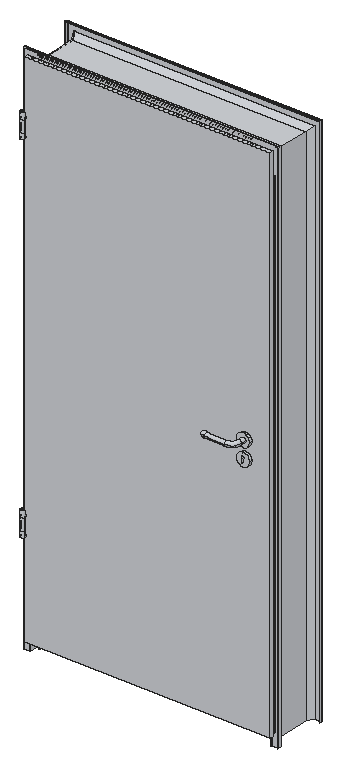
Revit family "BOS-Schrägleibungszarge-cBud-MW_Familie", category Türen, Revit 2017 (continued)
Definition of nested family "BOS-Band-VX_Modell"
  Automatic sketch dimensions
    Extrusion 7 sketch curve to Extrusion 7 sketch curve = 7.729 mm
    Extrusion 8 sketch curve to plane 1 = 0 mm
    plane 1 to Extrusion 8 sketch curve = 11.45 mm
    Extrusion 8 sketch curve to plane 3 = 11 mm
    Extrusion 8 sketch curve to plane 1 = 1.733 mm
    Extrusion 8 sketch curve to Extrusion 8 sketch curve = 1.151 mm
    Extrusion 8 sketch curve to Extrusion 8 sketch curve = 3.454 mm
    plane 1 to Extrusion 8 sketch curve = 7.193 mm
    Extrusion 8 sketch curve to Extrusion 8 sketch curve = 0.599 mm
    Extrusion 8 sketch curve to plane 1 = 1.214 mm
    Extrusion 8 sketch curve to Extrusion 8 sketch curve = 3.496 mm
    plane 1 to Extrusion 8 sketch curve = 4.667 mm
    Extrusion 8 sketch curve to Extrusion 8 sketch curve = 2.431 mm
    Extrusion 8 sketch curve to Extrusion 8 sketch curve = 0.001 mm
    Extrusion 8 sketch curve to Extrusion 8 sketch curve = 0.021 mm
    Extrusion 8 sketch curve to plane 1 = 0.017 mm
    Extrusion 8 sketch curve to Extrusion 8 sketch curve = 0.149 mm
    Extrusion 8 sketch curve to Extrusion 8 sketch curve = 2.05 mm
    Extrusion 9 sketch curve to Extrusion 9 sketch curve = 0 mm  (x6)
    Extrusion 9 sketch curve to curve 1 = 0 mm
    curve 1 to Extrusion 9 sketch curve = 0 mm
    Extrusion 9 sketch curve to curve 1 = 5.051 mm
    Extrusion 9 sketch curve to Extrusion 9 sketch curve = 4.091 mm
    Extrusion 9 sketch curve to curve 1 = 7.771 mm
    Extrusion 9 sketch curve to Extrusion 9 sketch curve = 2.203 mm
    Extrusion 9 sketch curve to Extrusion 9 sketch curve = 7.729 mm
    Extrusion 10 sketch curve to Extrusion 10 sketch curve = 0 mm  (x6)
    Extrusion 10 sketch curve to curve 1 = 0 mm
    curve 1 to Extrusion 10 sketch curve = 0 mm
    Extrusion 10 sketch curve to curve 1 = 5.051 mm
    Extrusion 10 sketch curve to Extrusion 10 sketch curve = 4.091 mm
    Extrusion 10 sketch curve to curve 1 = 7.771 mm
    Extrusion 10 sketch curve to Extrusion 10 sketch curve = 2.203 mm
    Extrusion 10 sketch curve to Extrusion 10 sketch curve = 7.729 mm
    Extrusion 11 sketch curve to Extrusion 11 sketch curve = 0 mm  (x3)
    plane 1 to Extrusion 11 sketch curve = 0 mm
    Extrusion 11 sketch curve to plane 3 = 0 mm
    Extrusion 11 sketch curve to plane 1 = 1.171 mm
    Extrusion 11 sketch curve to Extrusion 11 sketch curve = 6.421 mm
    plane 1 to Extrusion 11 sketch curve = 7.193 mm
    Extrusion 11 sketch curve to Extrusion 11 sketch curve = 0.526 mm
    Extrusion 11 sketch curve to Extrusion 11 sketch curve = 0.553 mm
    Extrusion 11 sketch curve to plane 1 = 0.901 mm
    plane 1 to Extrusion 11 sketch curve = 10.603 mm
    Extrusion 11 sketch curve to Extrusion 11 sketch curve = 3.5 mm
    Extrusion 11 sketch curve to Extrusion 11 sketch curve = 0.158 mm
    Extrusion 11 sketch curve to Extrusion 11 sketch curve = 1.739 mm
    plane 1 to Extrusion 11 sketch curve = 4.695 mm
    Extrusion 12 sketch curve to Extrusion 12 sketch curve = 0 mm  (x6)
    curve 1 to Extrusion 12 sketch curve = 0 mm  (x2)
    curve 1 to Extrusion 12 sketch curve = 46.34 mm
    Extrusion 12 sketch curve to Extrusion 12 sketch curve = 3.031 mm  (x2)
    Extrusion 12 sketch curve to Extrusion 12 sketch curve = 5.75 mm
    Extrusion 12 sketch curve to Extrusion 12 sketch curve = 1.346 mm
    Extrusion 12 sketch curve to Extrusion 12 sketch curve = 0.548 mm
    Extrusion 12 sketch curve to Extrusion 12 sketch curve = 1.017 mm
    Extrusion 12 sketch curve to Extrusion 12 sketch curve = 3.25 mm
    Extrusion 12 sketch curve to Extrusion 12 sketch curve = 1.75 mm
    Extrusion 13 sketch curve to Extrusion 13 sketch curve = 0 mm  (x6)
    curve 1 to Extrusion 13 sketch curve = 0 mm  (x2)
    curve 1 to Extrusion 13 sketch curve = 46.34 mm
    Extrusion 13 sketch curve to Extrusion 13 sketch curve = 3.031 mm  (x2)
    Extrusion 13 sketch curve to Extrusion 13 sketch curve = 5.75 mm
    Extrusion 13 sketch curve to Extrusion 13 sketch curve = 1.346 mm
    Extrusion 13 sketch curve to Extrusion 13 sketch curve = 0.548 mm
    Extrusion 13 sketch curve to Extrusion 13 sketch curve = 1.017 mm
    Extrusion 13 sketch curve to Extrusion 13 sketch curve = 3.25 mm
    Extrusion 13 sketch curve to Extrusion 13 sketch curve = 1.75 mm
    radius of Sweep 1 sketch curve = 6.5 mm
Definition of nested family "BOS-BOS_Modell"
  Parameters (values of type "BOS-BOS_Modell")
    Abstand = 22 mm
  Reference planes
    plane 1 "Mitte (Vorne/hinten)": y = 0
    plane 2: z = 0
    plane 3 "Mitte (Links/rechts)": x = 0
    plane 4 "BOS": x = -22
  Dimensions and locks
    "Abstand": plane 4 "BOS" to plane 3 "Mitte (Links/rechts)"
    aligned and locked: level to plane 2
    aligned and locked: plane 1 "Mitte (Vorne/hinten)" to text3d elem
    aligned and locked: text3d elem to level
Definition of nested family "BOS-Info-Texte_Beschriftung"
  Parameters (values of type "Drückerhöhe Warnung")
    Unten = yes
    Schwarz = yes
    Rot = no
    Oben = no
    Info-Text En unten = "Please take the handle depth/height and/or DIN opening direction into account!"
    Info-Text De unten = "Drückertiefen/-höhen und/oder DIN Richtungen beachten/anpassen!"
    Info-Text En oben = "Kein Text"
    Englisch unten rot = and(and(Unten, Englisch), Rot)  # no
    Englisch unten schwarz = and(and(Unten, Englisch), Schwarz)  # no
    Englisch oben rot = and(and(Oben, Englisch), Rot)  # no
    Englisch oben schwarz = and(and(Oben, Englisch), Schwarz)  # no
    Info-Text De oben = "Kein Text"
    Warndreieck = yes
    Fehlerkreis = no
    Englisch = no
    Deutsch unten rot = and(and(Unten, Deutsch), Rot)  # no
    Deutsch unten schwarz = and(and(Unten, Deutsch), Schwarz)  # yes
    Deutsch oben rot = and(and(Oben, Deutsch), Rot)  # no
    Deutsch oben schwarz = and(and(Oben, Deutsch), Schwarz)  # no
    Deutsch = not(Englisch)  # yes
    Ausrufezeichen = "!"
  Types (15, lengths in mm): name | Unten | Schwarz | Rot | Oben | Info-Text En unten | Info-Text De unten | Info-Text En oben | Info-Text De oben | Warndreieck | Fehlerkreis | Deutsch unten schwarz | Deutsch oben rot | Deutsch oben schwarz
    Rechtliche Hinweise | no | yes | no | yes | "Kein Text" | "Kein Text" | "In accordance with the protection note according to DIN 34, the ownership and copyrights are reserved!\r\n© 2016 BOS GmbH, Emsdetten, Germany -\r\nObserve the ISO 16016 protective label (see ID data)!\r\n\r\nSubject to technical change!" | "Entsprechend dem Schutzvermerk nach DIN 34 behalten wir uns Eigentum und Urheberrecht vor!\r\n© 2016 BOS GmbH, Emsdetten, Deutschland -\r\nSchutzvermerk ISO 16016 beachten (siehe ID-Daten)!\r\n\r\nTechnische Änderungen vorbehalten!" | no | no | no | no | yes
    Maulweite Fehlermeldung | no | yes | no | yes | "Kein Text" | "Kein Text" | "Check the wall thickness!" | "Wandstärke prüfen!" | no | yes | no | no | yes
    Verstellbereich | no | yes | no | yes | "Kein Text" | "Kein Text" | "Adjustment area from -5 to +15mm,\r\nother adjustment areas possible" | "Verstellbereich von -5 bis +15mm\r\nanderer Verstellbereich möglich" | no | no | no | no | yes
    Verstellbereich wSvdW | no | yes | no | yes | "Kein Text" | "Kein Text" | "Adjustment area in the soffit from -2 to +15mm,\r\nother adjustment areas possible" | "Verstellbereich in der Zargenleibung von -2 bis +15mm\r\nanderer Verstellbereich möglich" | no | no | no | no | yes
    Wandartauswahl 15Nz15Z | no | yes | no | yes | "Kein Text" | "Kein Text" | "Attention for stud walls: underlay from site required!\r\nFor DIN door leaves, select larger structural wall measurements.\r\nFor selection \"stud walls\":\r\nsee 'Features' (remove tick for brick walls)" | "Achtung bei Ständerwerk: bauseitige Unterfütterung erforderlich!\r\nBei DIN-Türblatt Rohbaumaße größer wählen.\r\nFür Auswahl \"Ständerwerk\": \r\nsiehe 'Eigenschaften' (Häkchen entfernen bei Mauerwerk)." | no | no | no | no | yes
    Technische Hinweise | no | yes | no | yes | "Kein Text" | "Kein Text" | "Due to manufacturing reasons this Revit family may not be changed\r\nwithout consulting BOS!\r\n\r\nDo not mirror frames (door list)!\r\nsee ‘Features’: DIN left / DIN right\r\n\r\nThe solid and stud walls or, for example, their profiles,\r\nmust be designed so that they can reliably and sustainably\r\nabsorb the static and dynamic forces resulting\r\nfrom the load on the door element used." | "Diese Revit-Familie darf aus fertigungstechnischen Gründen\r\nnicht ohne Rücksprache mit BOS abgeändert werden!\r\n\r\nZargen nicht spiegeln (Türliste)!\r\nsiehe 'Eigenschaften': DIN links / DIN rechts\r\n\r\nDie Massiv- und Ständerwerkswände bzw. deren Profile\r\nmüssen so ausgebildet sein, dass sie die statischen\r\nund dynamischen Kräfte, welche sich aus der Belastung\r\ndes verwendeten Türelements ergeben, zuverlässig\r\nund nachhaltig aufnehmen können." | no | no | no | no | yes
    Drückerhöhe Warnung | yes | yes | no | no | "Please take the handle depth/height and/or DIN opening direction into account!" | "Drückertiefen/-höhen und/oder DIN Richtungen beachten/anpassen!" | "Kein Text" | "Kein Text" | yes | no | yes | no | no
    Maulweite-Dehnungsfuge Fehlermeldung | no | yes | no | yes | "Kein Text" | "Kein Text" | "Check the wall thickness and/or expansion joint!" | "Wandstärke und/oder Dehnungsfuge prüfen!" | no | yes | no | no | yes
    Technische Hinweise Norm | no | yes | no | yes | "Kein Text" | "Kein Text" | "Due to manufacturing reasons this Revit family may not be changed\r\nwithout consulting BOS!\r\n\r\nThe solid and stud walls or, for example, their profiles,\r\nmust be designed so that they can reliably and sustainably\r\nabsorb the static and dynamic forces resulting\r\nfrom the load on the door element used." | "Diese Revit-Familie darf aus fertigungstechnischen Gründen\r\nnicht ohne Rücksprache mit BOS abgeändert werden!\r\n\r\nDie Massiv- und Ständerwerkswände bzw. deren Profile\r\nmüssen so ausgebildet sein, dass sie die statischen\r\nund dynamischen Kräfte, welche sich aus der Belastung\r\ndes verwendeten Türelements ergeben, zuverlässig\r\nund nachhaltig aufnehmen können." | no | no | no | no | yes
    Maßauswahl | no | no | yes | yes | "Kein Text" | "Kein Text" | "To choose  Rebate Width/Height Measurement, Receiving Opening\r\nsee 'Features'" | "Auswahl von FMB, FMH, MW\r\nunter 'Eigenschaften'" | no | no | no | yes | no
    Rohbaumaß Warnung (Spiegelbreiten) | no | yes | no | yes | "Kein Text" | "Kein Text" | "For DIN door leaves, select larger structural wall measurements!\r\nWhen changing the architrave widths, the structural measurements change accordingly." | "Bei DIN-Türblatt Rohbaumaße größer wählen!\r\nBei Änderung der Spiegelbreiten, Rohbaumaße beachten." | no | no | no | no | yes
    Drehpunkt Warnung | no | yes | no | yes | "Kein Text" | "Kein Text" | "The actual pivot point of the door leaf\r\nmay differ from the one illustrated!" | "Der tatsächliche Drehpunkt des Türblattes\r\nkann von der Darstellung abweichen!" | no | no | no | no | yes
    Türblattgewicht Hinweis | no | yes | no | yes | "Kein Text" | "Kein Text" | "Attention! Take door leaf weight into account!\r\nSee Webseite" | "Achtung! Türblattgewicht beachten!\r\nSiehe Webseite" | no | no | no | no | yes
    Pendeltürbänder Hinweis | no | yes | no | yes | "Kein Text" | "Kein Text" | "Please observe the instructions for the double action spring hinges\r\ngiven by the door hinge manufacturer Frivado\r\nregarding door leaf width, height and thickness!" | "Die Angaben zu den Pendeltürbändern\r\ndes Herstellers Fridavo beachten: zu \r\nTürblattbreite, -höhe, -dicke und -gewicht!" | no | no | no | no | yes
    Rohbaumaß Warnung | no | yes | no | yes | "Kein Text" | "Kein Text" | "For DIN door leaves, select larger structural wall measurements!" | "Bei DIN-Türblatt Rohbaumaße größer wählen!" | no | no | no | no | yes
  Reference planes
    plane 1: y = 0.955
    plane 2: x = 0
  Lines and regions (mm)
    Filled region 1, type "Gefüllter Bereich Gelb", visible <- "Warndreieck"
      outline origin (-7.188, 1.747, 0) x (1, 0, 0) y (0, 1, 0)
        loop
          line (5.951, -3.033) -> (8.413, -3.033) -> (7.182, -0.9) -> (5.951, -3.033)
    Filled region 2, type "Gefüllter Bereich Rot", visible <- "Fehlerkreis"
      outline origin (0, -3.763, 0) x (1, 0, 0) y (0, 1, 0)
        loop
          circle (0, 3.1) r 1.5
        loop
          line (-0.937, 3.486) -> (-0.937, 2.686) -> (1.023, 2.686) -> (1.023, 3.486) -> (-0.937, 3.486)
    Filled region 3, type "Gefüllter Bereich Weiss", visible <- "Fehlerkreis"
      outline origin (-7.014, -2.062, 0) x (1, 0, 0) y (0, 1, 0)
        loop
          line (6.077, 1.785) -> (6.077, 0.985) -> (8.038, 0.985) -> (8.038, 1.785) -> (6.077, 1.785)
  Text (mm)
    label "Info-Text De oben schwarz" at (0.065, 1.415, 0), shows "Info-Text De oben", visible <- "Deutsch oben schwarz"
    label "!" at (0.065, -0.414, 0), shows "Ausrufezeichen", visible <- "Warndreieck"
    label "Info-Text En oben schwarz" at (0.065, 1.415, 0), shows "Info-Text En oben", visible <- "Englisch oben schwarz"
    label "Info-Text De unten schwarz" at (0.218, -2.468, 0), shows "Info-Text De unten", visible <- "Deutsch unten schwarz"
    label "Info-Text En unten schwarz" at (0.065, -2.419, 0), shows "Info-Text En unten", visible <- "Englisch unten schwarz"
    label "Info-Text En oben rot" at (0.065, 1.415, 0), shows "Info-Text En oben", visible <- "Englisch oben rot"
    label "Info-Text En unten rot" at (0.065, -2.419, 0), shows "Info-Text En unten", visible <- "Englisch unten rot"
    label "Info-Text De unten rot" at (0.065, -2.419, 0), shows "Info-Text De unten", visible <- "Deutsch unten rot"
    label "Info-Text De oben rot" at (-0.371, 1.396, 0), shows "Info-Text De oben", visible <- "Deutsch oben rot"
Definition of nested family "BOS-loser-Propelleranker_Detail"
  Parameters (values of type "BOS-loser-Propelleranker_Detail")
    URL = "www.BestOfSteel.de"
    Rechtliche Hinweise = "www.BestOfSteel.de/tools-downloads/bim-building-information-modeling/"
    Model = ""
    MW Maulweite = 200 mm
    Manufacturer = "BOS GmbH Best Of Steel, Lütkenfelde 4, D-48282 Emsdetten"
    Einfügepunkt = 37 mm
    Bügelankerlänge vorne = 0.4 * MW Maulweite  # 80 mm
    Bügelankerlänge hinten = 0.4 * MW Maulweite  # 80 mm
    Description = "loser Propelleranker"
    Keynote = "BOS Detail"
    BOS-Architekten-Beratung = "Tel.: +49 (0) 2572 203-203; E-Mail: architekten@BestOfSteel.de"
    Technische Infos rund um die Stahlzarge = "www.BestOfSteel.de/tools-downloads/technische-infos-rund-um-die-stahlzarge/"
    Ankerstärke = 1.5 mm
    Abbiegung vorne = 15 mm
    Abbiegung hinten = 15 mm
  Reference planes
    plane 1: y = 0
    plane 2: z = 0
    plane 3: x = 0
    plane 4: y = 170
    plane 5: x = 5
    plane 6: y = 185
    plane 7: y = -15
    plane 8: x = -50
    plane 9: y = 85
    plane 10: y = 165
    plane 11: y = 5
    plane 12: x = 20
    plane 13: x = 37
    plane 14: x = 20
  Lines and regions (mm)
    detail lines, in view "Ref.-Ebene"
      curve 1: line (-50, 0, 0) -> (5, 0, 0)
      curve 2: line (5, 0, 0) -> (5, 170, 0)
      curve 3: line (5, 170, 0) -> (-50, 170, 0)
      curve 4: line (0, 170, 0) -> (0, 0, 0)
      curve 5: line (5, 85, 0) -> (20, 165, 0)
      curve 6: line (20, 165, 0) -> (21.474, 164.724, 0)
      curve 7: line (21.474, 164.724, 0) -> (6.526, 85, 0)
      curve 8: line (5, 85, 0) -> (20, 5, 0)
      curve 9: line (20, 5, 0) -> (21.474, 5.276, 0)
      curve 10: line (21.474, 5.276, 0) -> (6.526, 85, 0)
  Dimensions and locks
    plane 4 to plane 6 = 15 mm
    plane 7 to plane 1 = 15 mm
    "MW Maulweite": plane 7 to plane 6
    plane 8 to plane 3 = 50 mm
    plane 3 to plane 5 = 5 mm
    "Einfügepunkt": plane 3 to plane 13
    equal spacing: plane 7, plane 9, plane 6
    "Bügelankerlänge vorne": plane 11 to plane 9
    "Bügelankerlänge hinten": plane 9 to plane 10
    "Abbiegung vorne": plane 5 to plane 12
    "Abbiegung hinten": plane 5 to plane 14
    "Ankerstärke": curve 7 to curve 5
    "Ankerstärke": curve 8 to curve 10
  Automatic sketch dimensions
    plane 1 to curve 1 = 0 mm
    curve 1 to plane 8 = 0 mm
    curve 3 to plane 4 = 0 mm
    curve 3 to plane 8 = 0 mm
    curve 4 to plane 3 = 0 mm
    curve 1 to plane 5 = 0 mm
    plane 9 to curve 10 = 0 mm
    curve 9 to plane 11 = 0 mm
    curve 9 to plane 12 = 0 mm
    curve 5 to plane 10 = 0 mm
    curve 5 to plane 12 = 0 mm
Definition of nested family "BOS-Logo_Modell"
  Parameters (values of type "BOS-Logo_Modell")
    URL = "www.BestOfSteel.de"
    Rechtliche Hinweise = "www.BestOfSteel.de/tools-downloads/bim-building-information-modeling/"
    Description = "BOS Logo"
    Keynote = "BOS Logo"
    BOS-Architekten-Beratung = "Tel.: +49 (0) 2572 203-203; E-Mail: architekten@BestOfSteel.de"
    Technische Infos rund um die Stahlzarge = "www.BestOfSteel.de/tools-downloads/technische-infos-rund-um-die-stahlzarge/"
    Abstand vertikal = 10 mm
    Abstand horizontal = 15 mm
  Reference planes
    plane 1: y = 0
    plane 2: z = 0
    plane 3: x = 0
    plane 4: x = -7
    plane 5: x = 7
    plane 6: y = 8.299
    plane 7: x = 15
    plane 8: y = 4.15
    plane 9: x = -15
    plane 10: y = 14.15
    plane 11: y = -5.85
  Dimensions and locks
    plane 4 to plane 3 to plane 5 = 7 mm, 7 mm
    "Abstand vertikal": plane 11 to plane 8 to plane 10
    plane 6 to plane 8 to plane 1 = 4.15 mm, 4.15 mm
    "Abstand horizontal": plane 9 to plane 3
    "Abstand horizontal": plane 3 to plane 7
    aligned and locked: level to plane 2
Types (4, lengths in mm): name | Schrägetiefe max. | Schrägetiefe   Slanting soffit depth | Schrägetiefe | Schrägebreite min. | Schrägebreite max. | Schrägebreite   Slanting soffit width | Schrägebreite | MW min. (Formel) | GT min. | Türblattversatz vertikal | Türblattversatz  horizontal | Türblattabstand 1 | Stumpf | LDH Lichte Durchgangs Höhe   Clearance Height | LDB Lichte Durchgangs Breite   Clearance Width | Gefälzt | Türblattstärke 3 | Türblattstärke 2 | Türblattstärke 1 | Türblattstärke | MW min. | Falztiefe gesamt | Falztiefe | Falzaufschlag gesamt | Doppelfalz | Einfachfalz | Dichtungsversatz vertikal 2 | Dichtungsversatz vertikal 1 | Dichtung 2 | Drehpunktposition vertikal | Drehpunktposition horizontal | Drehpunktabstand (FM) horizontal | Drehpunktabstand (SP) vertikal | Bänder - Auswahl | cBsFd | cBuFd | Modell | cBud | cBsd | Beschreibung
  cBud | 28.5 | 28.5 | 28.5 | 15 | 15 | 15 | 15 | 64 | 100 | -3.5 | 11.5 | 1.5 | no | 2093 | 936 | yes | 0 | 25.5 | 14.5 | 40 | 80 | 28.5 | 28.5 | 15 | no | yes | 53.5 | 28.5 | no | 122.5 | 1524 | 21 | 12.5 | "3D Bänder gefälzt, Bandaufnahmen BVX11000" | no | no | "cBud" | yes | no | "Schrägleibungszarge als Blockprofil für Mauerwerk, gefälzt"
  cBuFd | 53.5 | 28.5 | 28.5 | 30 | 30 | 30 | 30 | 89 | 120 | -3.5 | 11.5 | 1.5 | no | 2078 | 906 | yes | 25 | 25.5 | 14.5 | 65 | 100 | 53.5 | 28.5 | 30 | yes | no | 53.5 | 28.5 | yes | 122.5 | 1524 | 21 | 12.5 | "3D Bänder gefälzt, Bandaufnahmen BVX11000" | no | yes | "cBuFd" | no | no | "Schrägleibungszarge als Blockprofil für Mauerwerk, gefälzt, mit Doppelfalz"
  cBsFd | 71.5 | 46.5 | 46.5 | 30 | 30 | 30 | 30 | 125 | 150 | 15.5 | 6 | -2 | yes | 2078 | 906 | no | 25 | 40 | 0 | 65 | 130 | 71.5 | 46.5 | 30 | yes | no | 71.5 | 46.5 | yes | 123.5 | 1505.5 | 2.5 | 13.5 | "3D Bänder stumpf, Bandaufnahmen BVX11000" | yes | no | "cBsFd" | no | no | "Schrägleibungszarge als Blockprofil für Mauerwerk, stumpf, mit Doppelfalz"
  cBsd | 46.5 | 46.5 | 46.5 | 15 | 15 | 15 | 15 | 100 | 120 | 15.5 | 6 | -2 | yes | 2093 | 936 | no | 0 | 40 | 0 | 40 | 100 | 46.5 | 46.5 | 15 | no | yes | 71.5 | 46.5 | no | 123.5 | 1505.5 | 2.5 | 13.5 | "3D Bänder stumpf, Bandaufnahmen BVX11000" | no | no | "cBsd" | no | yes | "Schrägleibungszarge als Blockprofil für Mauerwerk, stumpf"
